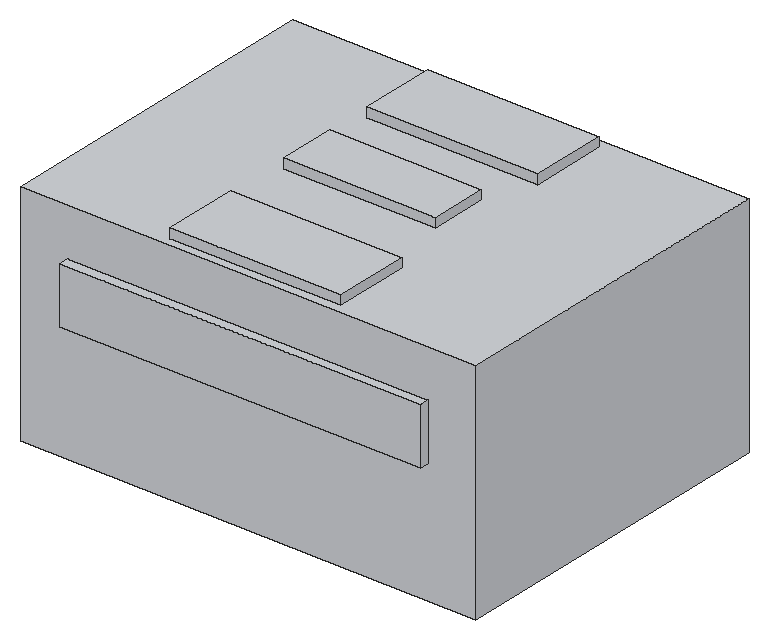
Revit family "1703fba439614aad84cc5bbf1233a841", category Air Terminals, Revit 2021
Family settings
  Round Connector Dimension = Use Diameter
  Part Type = Normal
  OmniClass Number = 23.40.40.14.21.11
  OmniClass Title = Food Service Hoods
  Seek Item ID = Grease Hood - Front and Bottom Discharge - Compensating - Island-0000-USA-ENU
  Work Plane-Based = No
  Always vertical = Yes
  Cut with Voids When Loaded = No
  Shared = No
  Room Calculation Point = No
Parameters (values of type "Standard")
  Voltage = 120 V
  Supply Pressure Drop [instance] = 0.55 in-wg
  Supply Air Width [instance] = 18"
  Supply Air Height [instance] = 8"
  Supply Air Flow [instance] = 1250 CFM
  Number of Poles = 1
  Load Classification = Cooling
  Hood Width [instance] = 3' - 0"
  Hood Material = none
  Hood Length [instance] = 4' - 0"
  Hood Height [instance] = 2' - 0"
  Half Hood Width [instance] = 0.5 * Hood Width  # 1' - 6"
  Exhaust Pressure Drop [instance] = 0.25 in-wg
  Exhaust Air Width [instance] = 16"
  Exhaust Air Height [instance] = 6"
  Exhaust Air Flow [instance] = 50 FPM * Hood Width * Hood Length  # 600 CFM
  built-in parameter 1154647 = 0' - 0"
  Default Elevation [instance] = 3' - 0"
  C3 Offset 2 [instance] = 1' - 3"
  C3 Offset 1 [instance] = 1' - 4"
  C1 Offset 2 [instance] = 1' - 3"
  C1 Offset 1 [instance] = 0' - 1"
  Apparent Load [instance] = 65.00 W/ft² * Hood Width * Hood Length  # 780 VA
Reference planes (in)
  plane 1 "Center (Front/Back)": y = 0
  plane 2: z = 0
  plane 3 "Center (Left/Right)": x = 0
  plane 4: x = -24
  plane 5: x = 24
  plane 6: y = 18
  plane 7: y = -18
  plane 8: z = 36
  plane 9: z = 60
  plane 10: z = 35
  plane 11: z = 55
  plane 12: z = 49
  plane 13: x = -19
  plane 14: x = 19
  plane 15: z = 61
  plane 16: y = 15
  plane 17: y = 9
  plane 18: y = -9
  plane 19: y = -15
  plane 20: y = 19
  plane 21: y = -19
  plane 22: x = -9
  plane 23: x = -9
  plane 24: x = -9
  plane 25: y = -17
  plane 26: y = 17
  plane 27: y = -2
Forms (in)
  Extrusion 1, solid, material <- "Hood Material"
    sketch origin (0, 0, 0) x (1, 0, 0) y (0, 1, 0)
      loop
        line (-24, 18) -> (-24, -18) -> (24, -18) -> (24, 18) -> (-24, 18)
    from 36 to 60
  Extrusion 2, solid, material <- "Hood Material"
    sketch origin (0, 0, 0) x (1, 0, 0) y (0, 1, 0)
      loop
        line (-9, 17) -> (-9, 9) -> (9, 9) -> (9, 17) -> (-9, 17)
      loop
        line (-9, -17) -> (9, -17) -> (9, -9) -> (-9, -9) -> (-9, -17)
      loop
        line (-9, -2) -> (7, -2) -> (7, 4) -> (-9, 4) -> (-9, -2)
    from 60 to 61
  Extrusion 3, solid, material <- "Hood Material"
    sketch origin (0, 0, 0) x (1, 0, 0) y (0, 1, 0)
      loop
        line (-19, 15) -> (-19, 9) -> (19, 9) -> (19, 15) -> (-19, 15)
      loop
        line (-19, -9) -> (-19, -15) -> (19, -15) -> (19, -9) -> (-19, -9)
    from 35 to 36
  Extrusion 4, solid, material <- "Hood Material"
    sketch origin (0, 0, 0) x (1, 0, 0) y (0, 0, 1)
      loop
        line (19, 55) -> (-19, 55) -> (-19, 49) -> (19, 49) -> (19, 55)
    from -19 to -18
  Extrusion 5, solid, material <- "Hood Material"
    sketch origin (0, 0, 0) x (1, 0, 0) y (0, 0, 1)
      loop
        line (-19, 55) -> (-19, 49) -> (19, 49) -> (19, 55) -> (-19, 55)
    from 18 to 19
Cuts and joins
  joined: Extrusion 1, Extrusion 2, Extrusion 3, Extrusion 4, Extrusion 5
Dimensions and locks (in)
  equal spacing: plane 4, plane 3 "Center (Left/Right)", plane 5
  equal spacing: plane 6, plane 1 "Center (Front/Back)", plane 7
  "Hood Length": plane 4 to plane 5
  "Hood Width": plane 6 to plane 7
  "Default Elevation": plane 8 to plane 2
  locked: plane 8 to plane 10 at 1
  "Hood Height": plane 9 to plane 8
  locked: plane 9 to plane 11 at 5
  locked: plane 11 to plane 12 at 6
  locked: plane 13 to plane 4 at 5
  locked: plane 5 to plane 14 at 5
  locked: plane 15 to plane 9 at 1
  locked: plane 6 to plane 16 at 3
  locked: plane 16 to plane 17 at 6
  locked: plane 19 to plane 7 at 3
  locked: plane 18 to plane 19 at 6
  locked: plane 20 to plane 6 at 1
  locked: plane 7 to plane 21 at 1
  "C1 Offset 2": plane 4 to plane 22
  "C1 Offset 2": plane 4 to plane 23
  "C3 Offset 2": plane 4 to plane 24
  "C1 Offset 1": plane 25 to plane 7
  "C1 Offset 1": plane 6 to plane 26
  "C3 Offset 1": plane 27 to plane 7
  "Supply Air Width": Extrusion 2 sketch curve to Extrusion 2 sketch curve  (x2)
  "Supply Air Height": Extrusion 2 sketch curve to Extrusion 2 sketch curve  (x2)
  "Exhaust Air Width": Extrusion 2 sketch curve to Extrusion 2 sketch curve
  "Exhaust Air Height": Extrusion 2 sketch curve to Extrusion 2 sketch curve
  locked: plane 4 to connector elem at 6
  "Half Hood Width": connector elem to plane 6
  aligned and locked: plane 4 to Extrusion 1 sketch curve
  aligned and locked: Extrusion 1 sketch curve to plane 6
  aligned and locked: plane 7 to Extrusion 1 sketch curve
  aligned and locked: Extrusion 1 sketch curve to plane 5
  aligned and locked: plane 2 to level
  aligned and locked: Extrusion 1 to plane 8
  aligned and locked: plane 9 to Extrusion 1
  aligned and locked: Extrusion 2 sketch curve to plane 26
  aligned and locked: Extrusion 2 sketch curve to plane 22
  aligned and locked: Extrusion 2 sketch curve to plane 24
  aligned and locked: Extrusion 2 sketch curve to plane 25
  aligned and locked: Extrusion 2 sketch curve to plane 23
  aligned and locked: plane 15 to Extrusion 2
  aligned and locked: Extrusion 2 to plane 9
  aligned and locked: plane 13 to Extrusion 3 sketch curve  (x2)
  aligned and locked: Extrusion 3 sketch curve to plane 16
  aligned and locked: plane 17 to Extrusion 3 sketch curve
  aligned and locked: Extrusion 3 sketch curve to plane 14  (x2)
  aligned and locked: Extrusion 3 sketch curve to plane 18
  aligned and locked: plane 19 to Extrusion 3 sketch curve
  aligned and locked: plane 8 to Extrusion 3
  aligned and locked: Extrusion 3 to plane 10
  aligned and locked: Extrusion 4 sketch curve to plane 14
  aligned and locked: plane 13 to Extrusion 4 sketch curve
  aligned and locked: Extrusion 4 sketch curve to plane 11
  aligned and locked: plane 12 to Extrusion 4 sketch curve
  aligned and locked: plane 20 to Extrusion 4
  aligned and locked: Extrusion 4 to plane 6
  aligned and locked: Extrusion 5 sketch curve to Extrusion 4  (x3)
  aligned and locked: Extrusion 4 to Extrusion 5 sketch curve
  aligned and locked: Extrusion 5 to plane 21
  aligned and locked: plane 7 to Extrusion 5
Automatic sketch dimensions
  Extrusion 2 sketch curve to plane 27 = 0' - 0"
Connectors (in)
  hvac at (0, 13, 61), driven by "Supply Pressure Drop", driven by "Supply Air Flow", driven by "Supply Air Height", driven by "Supply Air Width"
    settings: on Extrusion 2, index 1, duct flow 1250 CFM, flow factor 0, pres drop 0.55 in-wg, loss coef 0, conn angle 0.00°, conn width 18", conn height 8", conn diameter 24", duct sys type 1, conn prof type 1, flow config 1, flow direction 1, loss method 4, conn ref index -1, conn util no, is conn primary no, conn desc ""
  hvac at (0, -13, 61), driven by "Supply Pressure Drop", driven by "Supply Air Flow", driven by "Supply Air Height", driven by "Supply Air Width"
    settings: on Extrusion 2, index 2, duct flow 1250 CFM, flow factor 0, pres drop 0.55 in-wg, loss coef 0, conn angle 0.00°, conn width 18", conn height 8", conn diameter 24", duct sys type 1, conn prof type 1, flow config 1, flow direction 1, loss method 4, conn ref index -1, conn util no, is conn primary no, conn desc ""
  hvac at (-1, 1, 61), driven by "Exhaust Pressure Drop", driven by "Exhaust Air Flow", driven by "Exhaust Air Height", driven by "Exhaust Air Width"
    settings: on Extrusion 2, index 3, duct flow 600 CFM, flow factor 0, pres drop 0.25 in-wg, loss coef 0, conn angle 0.00°, conn width 16", conn height 6", conn diameter 24", duct sys type 3, conn prof type 1, flow config 1, flow direction 2, loss method 4, conn ref index -1, conn util no, is conn primary yes, conn desc ""
  electrical at (-18, 0, 60), driven by "Apparent Load", driven by "Voltage", driven by "Number of Poles", driven by "Load Classification"
    settings: on Extrusion 1, index 4, voltage 120 V, apparent load 780 VA, apparent load phase1 0 VA, apparent load phase2 0 VA, apparent load phase3 0 VA, power factor 0.8, load classification "Cooling", number of poles 1, system type 30, power factor state 1, is connector primary yes, connector utility no, sub classification motor no, connector description ""
